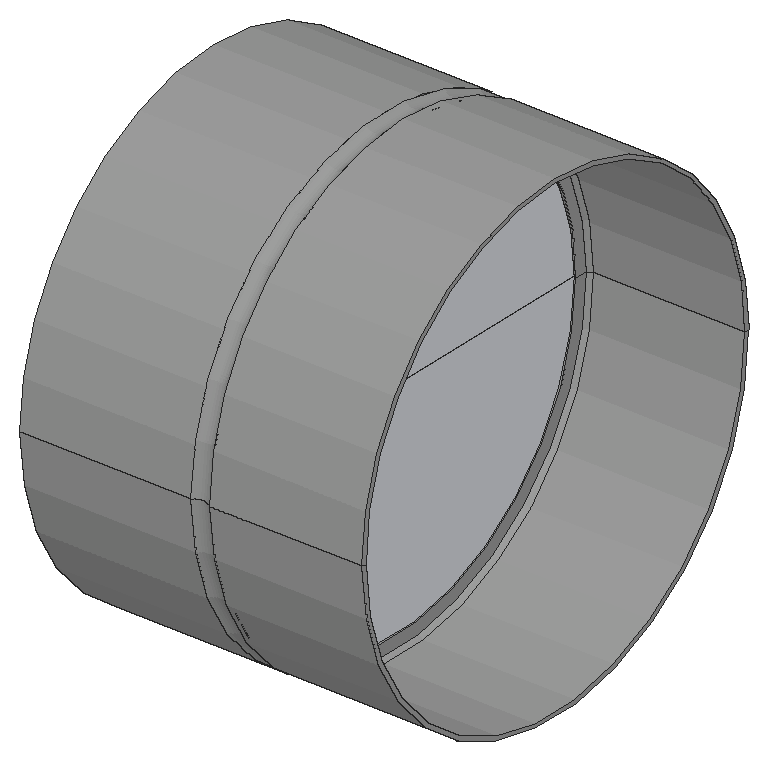
Revit family "Клапан обратный RSK", category Арматура воздуховодов, Revit 2019
Family settings
  Размер круглого соединителя = Использовать диаметр
  Тип детали = Вставляется
  На основе рабочей плоскости = Нет
  Всегда вертикально = Да
  При загрузке вырезать с полостями = Нет
  Общий = Да
Parameters (values of type "RSK 125")
  Материал = RAL 0000 Серый металл
  D = 90 mm
  C = 40 mm
  B = 45 mm
  ADSK_Примечание = "https://progress-nw.ru/zaslonki-klapana/klapan-obratnyj/"  # constant formula
  ADSK_Позиция = ""
  ADSK_Наименование = "Клапан обратный RSK"  # constant formula
  ADSK_Масса = 0
  ADSK_Марка = "RSK 125"
  ADSK_Код изделия = ""
  ADSK_Завод-изготовитель = "Naveka"  # constant formula
  ADSK_Единица измерения = "шт."  # constant formula
  A = 125 mm
Types (7, lengths in mm): name | D | C | B | ADSK_Марка | A
  (no name) | 90 | 40 | 45 | "RSK 125" | 125
  RSK 100 | 90 | 40 | 45 | "RSK 100" | 100
  RSK 125 | 90 | 40 | 45 | "RSK 125" | 125
  RSK 160 | 90 | 40 | 45 | "RSK 160" | 160
  RSK 200 | 90 | 40 | 45 | "RSK 200" | 200
  RSK 250 | 130 | 60 | 65 | "RSK 250" | 250
  RSK 315 | 135 | 65 | 65 | "RSK 315" | 315
Reference planes
  plane 1 "По центру (Вперед/Назад)": y = 0
  plane 2: z = 0
  plane 3 "По центру (Влево/Вправо)": x = 0
  plane 4: x = 2.5
  plane 5: x = -2.5
  plane 6: x = 42.5
  plane 7: x = -47.5
  plane 8: y = 63.5
  plane 9: y = -63.5
  plane 10: y = 62.5
  plane 11: y = -62.5
  plane 12: y = 58.5
  plane 13: z = 0.161
  plane 14: z = -0.161
Forms (mm)
  Revolve 1, solid, material "RAL 0000 Серый металл" <- "Материал"
    sketch origin (0, 0, 0) x (1, 0, 0) y (0, 1, 0)
      loop
        line (-2.5, 63.5) -> (-47.5, 63.5) -> (-47.5, 62.5) -> (-2.5, 62.5)
        arc (-2.5, 62.5) -> (0, 61.579) -> (2.5, 62.5) r 3.854
        line (2.5, 62.5) -> (42.5, 62.5) -> (42.5, 63.5) -> (2.5, 63.5)
        arc (2.5, 63.5) -> (0, 62.5) -> (-2.5, 63.5) r 3.625
      axis (-47.5, 0) -> (42.5, 0)
    angle from 0 to 360
  Revolve 2, solid, material "Каучук, черный"
    sketch origin (0, 0, 0) x (1, 0, 0) y (0, 1, 0)
      loop
        line (-1.126, 58.5) -> (1.126, 58.5) -> (1.126, 61.739)
        arc (1.126, 61.739) -> (0, 61.551) -> (-1.126, 61.739) r 3.464
        line (-1.126, 61.739) -> (-1.126, 58.5)
      axis (-1.126, 0) -> (1.126, 0)
    angle from 0 to 360
  Extrusion 3, solid
    sketch origin (0, 0, 0) x (0, 1, 0) y (0, 0, 1)
      loop
        arc (58.5, 0.161) -> (0, 58.661) -> (-58.5, 0.161) r 58.5
        line (-58.5, 0.161) -> (58.5, 0.161)
      loop
        line (58.5, -0.161) -> (-58.5, -0.161)
        arc (-58.5, -0.161) -> (0, -58.661) -> (58.5, -0.161) r 58.5
    from -0.5 to 0.5
Dimensions and locks
  equal spacing: plane 5, plane 3 "По центру (Влево/Вправо)", plane 4
  "C": plane 4 to plane 6
  "B": plane 7 to plane 5
  "D": plane 7 to plane 6
  locked: plane 8 to plane 10 at 1
  locked: plane 10 to plane 12 at 4
  plane 8 to plane 9 = 127 mm
  "A": plane 10 to plane 11
  locked: plane 11 to plane 9 at 1
  equal spacing: plane 10, plane 1 "По центру (Вперед/Назад)", plane 11
  equal spacing: plane 14, level, plane 13
  aligned and locked: level to plane 2
Automatic sketch dimensions
  Revolve 1 sketch curve to plane 7 = 0 mm
  plane 1 "По центру (Вперед/Назад)" to Revolve 1 sketch curve = 0 mm
  Revolve 1 sketch curve to plane 5 = 0 mm  (x2)
  Revolve 1 sketch curve to plane 3 "По центру (Влево/Вправо)" = 0 mm  (x2)
  Revolve 1 sketch curve to plane 4 = 0 mm  (x2)
  Revolve 1 sketch curve to plane 6 = 0 mm
  Revolve 1 sketch curve to plane 10 = 0 mm
  Revolve 1 sketch curve to plane 8 = 0 mm
  plane 8 to Revolve 1 sketch curve = 1.933 mm
  Revolve 1 sketch curve to Revolve 1 sketch curve = 0.692 mm
  plane 7 to Revolve 1 sketch curve = 20 mm
  Revolve 1 sketch curve to plane 5 = 20 mm
  plane 1 "По центру (Вперед/Назад)" to Revolve 2 sketch curve = 0 mm
  Revolve 2 sketch curve to plane 12 = 0 mm
  Revolve 2 sketch curve to plane 3 "По центру (Влево/Вправо)" = 0 mm
  Revolve 2 sketch curve to plane 3 "По центру (Влево/Вправо)" = 1.126 mm
  plane 3 "По центру (Влево/Вправо)" to Revolve 2 sketch curve = 1.126 mm
  Revolve 2 sketch curve to plane 10 = 0.761 mm
  plane 8 to Revolve 2 sketch curve = 1.515 mm
  Revolve 2 sketch curve to plane 5 = 8.626 mm
  Revolve 2 sketch curve to Revolve 2 sketch curve = 15 mm
  Extrusion 3 sketch curve to plane 13 = 0 mm
  plane 14 to Extrusion 3 sketch curve = 0 mm
  Extrusion 3 sketch curve to plane 1 "По центру (Вперед/Назад)" = 0 mm  (x2)
  plane 11 to Extrusion 3 sketch curve = 4 mm
  Extrusion 3 sketch curve to Extrusion 3 sketch curve = 0 mm
Connectors
  hvac at (-47.5, 0, 0), driven by "A"
    settings: on Revolve 1, index 1, duct flow 0.0 L/s, flow factor 0, pres drop 0.0 Pa, loss coef 0, conn angle 0.00°, conn width 304.8 mm, conn height 304.8 mm, conn diameter 125 mm, duct sys type 28, conn prof type 0, flow config 0, flow direction 0, loss method 0, conn ref index -1, conn util no, is conn primary yes, conn desc ""
  hvac at (42.5, 0, 0), driven by "A"
    settings: on Revolve 1, index 2, duct flow 0.0 L/s, flow factor 0, pres drop 0.0 Pa, loss coef 0, conn angle 0.00°, conn width 304.8 mm, conn height 304.8 mm, conn diameter 125 mm, duct sys type 28, conn prof type 0, flow config 0, flow direction 0, loss method 0, conn ref index -1, conn util no, is conn primary no, conn desc ""
